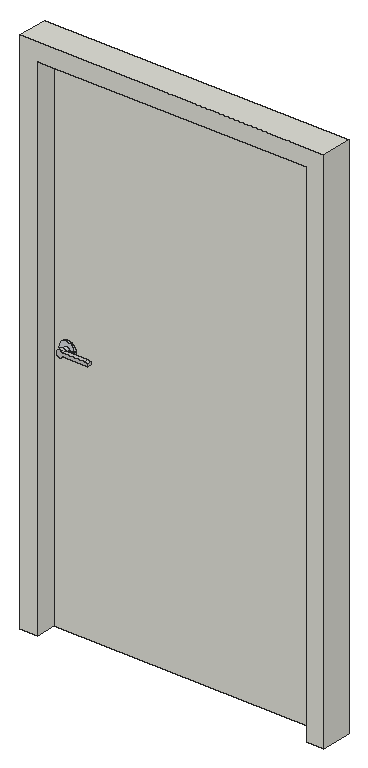
Revit family "D2_D3_甲種防火門1", category 門, Revit 2014
Parameters (values of type "120 x 210 cm")
  熱阻 (R) = 0.270117 (m²·K)/W
  Visual Light Transmittance = 0
  Solar Heat Gain Coefficient = 0
  營造類型 Id = "MDOOR"
  關鍵註記 = "單開門-矩形"
  傳熱係數 (U) = 3.7021 W/(m²·K)
  功能 = 室內
  門扇材料 = none
  門扇寬度 = Width - 2 * 開門側框寬度  # 1100 mm
  門扇厚度 = 40 mm
  Assembly Code = ""
  Rough Height = Height  # 2100 mm
  Rough Width = Width  # 1200 mm
  框架深度 = 120 mm
  框擋板寬度 = 門扇厚度 / 2  # 20 mm
  框總寬度 [instance] = 開門側框寬度 + 框擋板寬度  # 70 mm
  Height = 2100 mm
  牆封閉 = 依主體
  框架材料 = none
  開門側框寬度 = 50 mm
  握把五金 = none
  Width = 1200 mm
  操作 = "左單開門方向"
  解析營造 = "金屬"
Types (2, lengths in mm): name | 門扇寬度 | Rough Width | Width
  120 x 210 cm | 1100 | 1200 | 1200
  100 x 210 cm | 900 | 1000 | 1000
Reference planes
  plane 1: y = -210
  plane 2 "中心 (左/右)": x = 0
  plane 3 "左": x = -600
  plane 4 "右": x = 600
  plane 5: z = 2100
  plane 6 "外部": y = -135
  plane 7 "內部": y = -285
  plane 8: y = 320
  plane 9: y = -740
  plane 10: z = 1050
Forms (mm)
  Sweep 1, solid, material "鋼、油漆塗層、象牙白色、霧面"
    path origin (-5000, -210, 0) x (-1, 0, 0) y (0, 0, 1)
      loop
        line (-5600, 0) -> (-5600, 2100) -> (-4400, 2100) -> (-4400, 0)
    profile origin (600, -210, 1050) x (1, 0, 0) y (0, 1, 0)
      loop
        line (0, 60) -> (-50, 60) -> (-50, 20) -> (-70, 20) -> (-70, -60) -> (0, -60) -> (0, 60)
  Extrusion 2, solid, material "鋼、油漆塗層、象牙白色、霧面"
    sketch origin (-5000, -210, 0) x (1, 0, 0) y (0, 0, 1)
      loop
        line (4450, 2050) -> (4450, 0) -> (5550, 0) -> (5550, 2050) -> (4450, 2050)
    from -60 to -20
Lines and regions (mm)
  Opening 1
    outline origin (-3050, -285, 0) x (1, 0, 0) y (0, 0, 1)
      loop
        line (2450, 0) -> (3650, 0) -> (3650, 2100) -> (2450, 2100) -> (2450, 0)
  symbolic lines, style "Doors"
    curve 1: line (-550, -150, 0) -> (-510, -150, 0)
    curve 2: line (-550, 950, 0) -> (-550, -150, 0)
    curve 3: line (-510, 950, 0) -> (-550, 950, 0)
    curve 4: line (-510, -150, 0) -> (-510, 950, 0)
  symbolic lines, style "平面圖打開方向"
    curve 5: arc (550, -150, 0) -> (241.833, 613.544, 0) -> (-510, 949.272, 0) r 1100
  symbolic lines, style "DoorsFrameMullionProjection"
    curve 6: line (-550, -150, 0) -> (-600, -150, 0)
    curve 7: line (-550, -270, 0) -> (-550, -150, 0)
    curve 8: line (-600, -270, 0) -> (-550, -270, 0)
    curve 9: line (-600, -150, 0) -> (-600, -270, 0)
    curve 10: line (550, -150, 0) -> (600, -150, 0)
    curve 11: line (550, -270, 0) -> (550, -150, 0)
    curve 12: line (600, -270, 0) -> (550, -270, 0)
    curve 13: line (600, -150, 0) -> (600, -270, 0)
  symbolic lines, style "立面圖打開方向"
    curve 14: line (-600, -285, 1050) -> (600, -285, 0)
    curve 15: line (-600, -135, 1050) -> (600, -135, 2100)
Text (mm)
  text "外部" at (-2295.016, 1099.543, 0), in view "參考樓層"
  text "外部" at (0, 1615.38, 3698.081), in view "左"
  text "外部" at (0, 1036.032, 3874.932), in view "右"
Dimensions and locks
  equal spacing: plane 3 "左", plane 2 "中心 (左/右)", plane 4 "右"
  "Width": plane 3 "左" to plane 4 "右"
  "Height": plane 5 to host wall
  host wall to plane 5 = 2100 mm  (x2)
  locked: plane 6 "外部" to host wall at 0
  locked: plane 7 "內部" to host wall
  equal spacing: Sweep 1 sketch curve, host wall, Sweep 1 sketch curve
  "框架深度": Sweep 1 sketch curve to Sweep 1 sketch curve
  "門扇厚度": Sweep 1 sketch curve to Sweep 1 sketch curve
  "開門側框寬度": Sweep 1 sketch curve to Sweep 1 sketch curve
  "框擋板寬度": Sweep 1 sketch curve to Sweep 1 sketch curve
  "Width": Sweep 1 sketch curve to Sweep 1 sketch curve
  "門扇厚度": curve 2 to curve 4
  "門扇寬度": curve 3 to curve 1
  "開門側框寬度": curve 11 to Sweep 1
  "開門側框寬度": curve 9 to curve 7
  equal spacing: Sweep 1, host wall, Sweep 1  (x2)
  "框架深度": Sweep 1 to Sweep 1  (x2)
  equal spacing: curve 6, plane 1, curve 8
  "框架深度": curve 6 to curve 8
  equal spacing: curve 12, plane 1, curve 10
  "框架深度": curve 12 to curve 10
  equal spacing: plane 8, plane 1, plane 9
  plane 8 to plane 9 = 1060 mm
  "門扇厚度": Extrusion 2 to Extrusion 2
  equal spacing: plane 5, plane 10, level
  "門扇寬度": radius of curve 5
  aligned and locked: plane 3 "左" to Opening 1 sketch curve
  aligned and locked: plane 5 to Opening 1 sketch curve  (x2)
  aligned and locked: Opening 1 sketch curve to plane 4 "右"
  aligned and locked: Opening 1 sketch curve to level
  aligned and locked: plane 1 to host wall
  aligned and locked: Sweep 1 to Extrusion 2 sketch curve
  aligned and locked: Extrusion 2 sketch curve to Sweep 1  (x2)
  aligned and locked: level to Extrusion 2 sketch curve
  aligned and locked: Extrusion 2 to Sweep 1
  aligned and locked: plane 4 "右" to curve 15
  aligned and locked: plane 5 to curve 15
  aligned and locked: level to curve 14
  aligned and locked: plane 4 "右" to curve 14
  aligned and locked: plane 10 to curve 15
  aligned and locked: plane 3 "左" to curve 15
  aligned and locked: curve 14 to curve 15
Automatic sketch dimensions
  Sweep 1 sketch curve to plane 4 "右" = 0 mm
  Sweep 1 sketch curve to level = 0 mm  (x2)
  Sweep 1 sketch curve to plane 5 = 0 mm
  Sweep 1 sketch curve to profile plane = 0 mm
  curve 9 to plane 3 "左" = 0 mm
  curve 12 to plane 4 "右" = 0 mm
  curve 14 to plane 10 = 0 mm
Nested families
  nested 1: "喇叭鎖" at (365, 60, 1000), type "喇叭鎖", not visible
  nested 2: "喇叭鎖" at (365, 20, 1000), type "喇叭鎖", not visible
  nested 3: "水平鎖" at (-550, -150, 0), type "水平鎖"
  nested 4: "水平鎖" at (-550, -190, 0), type "水平鎖"
Definition of nested family "喇叭鎖"
  Parameters (values of type "喇叭鎖")
    Assembly Code = ""
    握把高度 = 1000 mm
    握把與版面側邊距離 = 75 mm
    握把五金 = none
  Reference planes
    plane 1 "中心 (前/後)": y = 0
    plane 2: z = 0
    plane 3 "中心 (左/右)": x = 0
    plane 4: x = 75
  Forms (mm)
    Revolve 1, solid, material <- "握把五金"
      sketch origin (511.236, -60, 1000) x (1, 0, 0) y (0, 1, 0)
        loop
          line (-436.236, 60) -> (-406.236, 60) -> (-406.236, 66) -> (-426.236, 66) -> (-426.236, 85) -> (-417.636, 85) -> (-411.236, 109.7) -> (-411.236, 113.2) -> (-415.736, 115) -> (-436.236, 115) -> (-436.236, 60)
        axis (-436.236, 60) -> (-436.236, 115)
      angle from 0 to 360
  Dimensions and locks
    "握把與版面側邊距離": plane 3 "中心 (左/右)" to plane 4
    "握把高度": Revolve 1 to level
  Automatic sketch dimensions
    plane 3 "中心 (左/右)" to Revolve 1 sketch curve = 75 mm  (x2)
    Revolve 1 sketch curve to plane 1 "中心 (前/後)" = 0 mm
    plane 3 "中心 (左/右)" to Revolve 1 sketch curve = 85 mm
    Revolve 1 sketch curve to Revolve 1 sketch curve = 8.6 mm
    plane 3 "中心 (左/右)" to Revolve 1 sketch curve = 95.5 mm
    Revolve 1 sketch curve to Revolve 1 sketch curve = 4.5 mm
    Revolve 1 sketch curve to Revolve 1 sketch curve = 20 mm
    plane 1 "中心 (前/後)" to Revolve 1 sketch curve = 60 mm
    Revolve 1 sketch curve to Revolve 1 sketch curve = 6 mm
    Revolve 1 sketch curve to Revolve 1 sketch curve = 19 mm
    Revolve 1 sketch curve to Revolve 1 sketch curve = 24.7 mm
    Revolve 1 sketch curve to Revolve 1 sketch curve = 3.5 mm
    Revolve 1 sketch curve to Revolve 1 sketch curve = 1.8 mm
    Revolve 1 sketch curve to Revolve 1 sketch curve = 200 mm
Definition of nested family "水平鎖"
  Parameters (values of type "水平鎖")
    Analytic Construction = "<無>"
    Assembly Code = ""
    握把高度 = 1000 mm
    握把與版面側邊距離 = 75 mm
    握把五金 = none
  Reference planes
    plane 1 "中心 (前/後)": y = 0
    plane 2: z = 0
    plane 3 "中心 (左/右)": x = 0
    plane 4: x = 75
    plane 5: y = 25
  Forms (mm)
    Revolve 1, solid, material <- "握把五金"
      sketch origin (511.236, -60, 1000) x (1, 0, 0) y (0, 1, 0)
        loop
          line (-436.236, 60) -> (-406.236, 60) -> (-406.236, 66) -> (-426.236, 66) -> (-426.236, 85) -> (-436.236, 85) -> (-436.236, 60)
        axis (-436.236, 60) -> (-436.236, 85)
      angle from 0 to 360
    Extrusion 2, solid, material "鋼、鍍鋅"
      sketch origin (85, 25, 1200) x (1, 0, 0) y (0, 0, -1)
        loop
          line (0.515, 192.356) -> (88.188, 192.356) -> (101.8, 197.356) -> (101.8, 205.425) -> (1.814, 205.425)
          arc (1.814, 205.425) -> (-22.936, 201.285) -> (0.515, 192.356) r 13
      from 0 to 15
  Dimensions and locks
    "握把與版面側邊距離": plane 3 "中心 (左/右)" to plane 4
    "握把高度": Revolve 1 to level
  Automatic sketch dimensions
    Revolve 1 sketch curve to plane 4 = 0 mm  (x2)
    Revolve 1 sketch curve to plane 5 = 0 mm
    plane 1 "中心 (前/後)" to Revolve 1 sketch curve = 0 mm
    Revolve 1 sketch curve to plane 1 "中心 (前/後)" = 6 mm
    Revolve 1 sketch curve to Revolve 1 sketch curve = 10 mm
    Revolve 1 sketch curve to Revolve 1 sketch curve = 20 mm
    Revolve 1 sketch curve to Revolve 1 sketch curve = 60 mm
    Revolve 1 sketch curve to Revolve 1 sketch curve = 230 mm
    Extrusion 2 sketch curve to plane 4 = 10.515 mm
    level to Extrusion 2 sketch curve = 1007.644 mm
    plane 4 to Extrusion 2 sketch curve = 0 mm
    Extrusion 2 sketch curve to plane 4 = 11.814 mm
    Extrusion 2 sketch curve to Extrusion 2 sketch curve = 86.374 mm
    Extrusion 2 sketch curve to Extrusion 2 sketch curve = 13.612 mm
    Extrusion 2 sketch curve to Extrusion 2 sketch curve = 5 mm
    Extrusion 2 sketch curve to Extrusion 2 sketch curve = 8.069 mm
